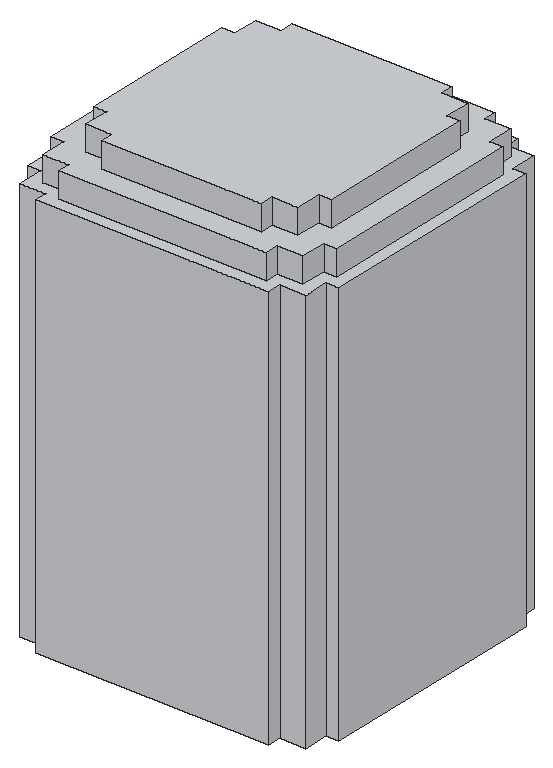
Revit family
Parameters (values of type "SBSP-031.5")
  Width = 2' - 6"
  URL = "www.strombergarchitectural.com"
  Top Material = GFRC
  Submittal Sheet = "www.strombergarchitectural.com/images/materials/gfrc/submittal/gfrc-submittal-sheet.pdf"
  Specifications = "www.strombergarchitectural.com/gfrcspecifications"
  Model Cut-sheet = "www.strombergarchitectural.com/products/bollards/design/sbsp-031"
  Model = "SBSP-031"
  Manufacturer = "Stromberg Architectural Products"
  Guidebook = "www.strombergarchitectural.com/images/materials/gfrc/handbooks/gfrc_guidebook.pdf"
  Frame Material = none
  Description = "GFRC Bollard"
  Assembly Code = ""
  Height = 4' - 0"
  031.5 = yes
  031.4 = no
  031.3 = no
  031.2 = no
  031.1 = no
Types (6): name | Width | Model | Guidebook | Description | Height | 031.5 | 031.4 | 031.3 | 031.2 | 031.1
  (no name) | 2' - 6" | "SBSP-031" | "www.strombergarchitectural.com/images/materials/gfrc/handbooks/gfrc_guidebook.pdf" | "GFRC Bollard" | 4' - 0" | yes | no | no | no | no
  SBSP-031.3 | 1' - 10" | "SBSP-031" | "www.strombergarchitectural.com/images/materials/gfrc/handbooks/gfrc_guidebook.pdf" | "GFRC Bollard" | 3' - 0" | no | no | yes | no | no
  SBSP-031.1 | 1' - 3" | "SBSP-031" | "www.strombergarchitectural.com/images/materials/gfrc/handbooks/gfrc_guidebook.pdf   \r\n(http://www.strombergarchitectural.com/images/materials/gfrc/handbooks/gfrc_guidebook.pdf" | "GFRC Bollard" | 2' - 0" | no | no | no | no | yes
  SBSP-031.2 | 1' - 7" | "SBS-031" | "www.strombergarchitectural.com/images/materials/gfrc/handbooks/gfrc_guidebook.pdf" | "GFRC Bollard" | 2' - 6" | no | no | no | yes | no
  SBSP-031.4 | 2' - 2" | "SBSP-031" | "www.strombergarchitectural.com/images/materials/gfrc/handbooks/gfrc_guidebook.pdf" | "GFRC-Bollard" | 3' - 6" | no | yes | no | no | no
  SBSP-031.5 | 2' - 6" | "SBSP-031" | "www.strombergarchitectural.com/images/materials/gfrc/handbooks/gfrc_guidebook.pdf" | "GFRC Bollard" | 4' - 0" | yes | no | no | no | no
Reference planes (in)
  plane 1 "Center (Front/Back)": y = 3.74847
  plane 2: z = 0
  plane 3 "Center (Left/Right)": x = 0.7278
  plane 4 "Front": y = -3.25153
  plane 5 "Back": y = 10.74847
  plane 6 "Left": x = -17.2722
  plane 7 "Right": x = 18.7278
Forms (in)
  Extrusion 1, solid, visible <- "031.1"
    sketch origin (-61.15258, 0, -4) x (1, 0, 0) y (0, 1, 0)
      loop
        line (70.04704, 5.10958) -> (70.04704, 17.35958) -> (69.36649, 17.35958) -> (69.36649, 18.72069) -> (68.00538, 18.72069) -> (68.00538, 19.40125) -> (55.75538, 19.40125) -> (55.75538, 18.72069) -> (54.39427, 18.72069) -> (54.39427, 17.35958) -> (53.71371, 17.35958) -> (53.71371, 5.10958) -> (54.39427, 5.10958) -> (54.39427, 3.74847) -> (55.75538, 3.74847) -> (55.75538, 3.06791) -> (68.00538, 3.06791) -> (68.00538, 3.74847) -> (69.36649, 3.74847) -> (69.36649, 5.10958) -> (70.04704, 5.10958)
    from 4 to 25.375
  Extrusion 2, solid, visible <- "031.1"
    sketch origin (-61.15258, 0, 17.375) x (1, 0, 0) y (0, 1, 0)
      loop
        line (67.33871, 3.73458) -> (67.33871, 4.41513) -> (68.69982, 4.41513) -> (68.69982, 5.77625) -> (69.38038, 5.77625) -> (69.38038, 16.69291) -> (68.69982, 16.69291) -> (68.69982, 18.05402) -> (67.33871, 18.05402) -> (67.33871, 18.73458) -> (56.42204, 18.73458) -> (56.42204, 18.05402) -> (55.06093, 18.05402) -> (55.06093, 16.69291) -> (54.38038, 16.69291) -> (54.38038, 5.77625) -> (55.06093, 5.77625) -> (55.06093, 4.41513) -> (56.42204, 4.41513) -> (56.42204, 3.73458) -> (67.33871, 3.73458)
    from 4 to 5.375
  Extrusion 3, solid, visible <- "031.1"
    sketch origin (-61.15258, 0, 18.75) x (1, 0, 0) y (0, 1, 0)
      loop
        line (66.08871, 4.98458) -> (66.08871, 5.66513) -> (67.44982, 5.66513) -> (67.44982, 7.02625) -> (68.13038, 7.02625) -> (68.13038, 15.44291) -> (67.44982, 15.44291) -> (67.44982, 16.80402) -> (66.08871, 16.80402) -> (66.08871, 17.48458) -> (57.67204, 17.48458) -> (57.67204, 16.80402) -> (56.31093, 16.80402) -> (56.31093, 15.44291) -> (55.63038, 15.44291) -> (55.63038, 7.02625) -> (56.31093, 7.02625) -> (56.31093, 5.66513) -> (57.67204, 5.66513) -> (57.67204, 4.98458) -> (66.08871, 4.98458)
    from 4 to 5.375
  Extrusion 4, solid, visible <- "031.2"
    sketch origin (-110.79823, 0, -4) x (1, 0, 0) y (0, 1, 0)
      loop
        line (119.27603, 0.90125) -> (119.27603, 1.76236) -> (120.99825, 1.76236) -> (120.99825, 3.48458) -> (121.85936, 3.48458) -> (121.85936, 18.98458) -> (120.99825, 18.98458) -> (120.99825, 20.7068) -> (119.27603, 20.7068) -> (119.27603, 21.56791) -> (103.77603, 21.56791) -> (103.77603, 20.7068) -> (102.05381, 20.7068) -> (102.05381, 18.98458) -> (101.19269, 18.98458) -> (101.19269, 3.48458) -> (102.05381, 3.48458) -> (102.05381, 1.76236) -> (103.77603, 1.76236) -> (103.77603, 0.90125) -> (119.27603, 0.90125)
    from 4 to 30.625
  Extrusion 5, solid, visible <- "031.2"
    sketch origin (-110.79823, 0, 22.625) x (1, 0, 0) y (0, 1, 0)
      loop
        line (104.60936, 1.73458) -> (118.44269, 1.73458) -> (118.44269, 2.59569) -> (120.16492, 2.59569) -> (120.16492, 4.31791) -> (121.02603, 4.31791) -> (121.02603, 18.15125) -> (120.16492, 18.15125) -> (120.16492, 19.87347) -> (118.44269, 19.87347) -> (118.44269, 20.73458) -> (104.60936, 20.73458) -> (104.60936, 19.87347) -> (102.88714, 19.87347) -> (102.88714, 18.15125) -> (102.02603, 18.15125) -> (102.02603, 4.31791) -> (102.88714, 4.31791) -> (102.88714, 2.59569) -> (104.60936, 2.59569) -> (104.60936, 1.73458)
    from 4 to 5.625
  Extrusion 6, solid, visible <- "031.2"
    sketch origin (-110.79823, 0, 24.25) x (1, 0, 0) y (0, 1, 0)
      loop
        line (116.8802, 3.29708) -> (116.8802, 4.15819) -> (118.60242, 4.15819) -> (118.60242, 5.88041) -> (119.46353, 5.88041) -> (119.46353, 16.58875) -> (118.60242, 16.58875) -> (118.60242, 18.31097) -> (116.8802, 18.31097) -> (116.8802, 19.17208) -> (106.17186, 19.17208) -> (106.17186, 18.31097) -> (104.44963, 18.31097) -> (104.44963, 16.58875) -> (103.58852, 16.58875) -> (103.58852, 5.88041) -> (104.44963, 5.88041) -> (104.44963, 4.15819) -> (106.17186, 4.15819) -> (106.17186, 3.29708) -> (116.8802, 3.29708)
    from 4 to 5.625
  Extrusion 7, solid, visible <- "031.3"
    sketch origin (-161.62635, 0, -4) x (1, 0, 0) y (0, 1, 0)
      loop
        line (171.35415, -0.76542) -> (171.35415, 0.23458) -> (173.35415, 0.23458) -> (173.35415, 2.23458) -> (174.35415, 2.23458) -> (174.35415, 20.23458) -> (173.35415, 20.23458) -> (173.35415, 22.23458) -> (171.35415, 22.23458) -> (171.35415, 23.23458) -> (153.35415, 23.23458) -> (153.35415, 22.23458) -> (151.35415, 22.23458) -> (151.35415, 20.23458) -> (150.35415, 20.23458) -> (150.35415, 2.23458) -> (151.35415, 2.23458) -> (151.35415, 0.23458) -> (153.35415, 0.23458) -> (153.35415, -0.76542) -> (171.35415, -0.76542)
    from 4 to 36
  Extrusion 8, solid, visible <- "031.3"
    sketch origin (-161.62635, 0, 28) x (1, 0, 0) y (0, 1, 0)
      loop
        line (170.35415, 0.23458) -> (170.35415, 1.23458) -> (172.35415, 1.23458) -> (172.35415, 3.23458) -> (173.35415, 3.23458) -> (173.35415, 19.23458) -> (172.35415, 19.23458) -> (172.35415, 21.23458) -> (170.35415, 21.23458) -> (170.35415, 22.23458) -> (154.35415, 22.23458) -> (154.35415, 21.23458) -> (152.35415, 21.23458) -> (152.35415, 19.23458) -> (151.35415, 19.23458) -> (151.35415, 3.23458) -> (152.35415, 3.23458) -> (152.35415, 1.23458) -> (154.35415, 1.23458) -> (154.35415, 0.23458) -> (170.35415, 0.23458)
    from 4 to 6
  Extrusion 9, solid, visible <- "031.3"
    sketch origin (-161.62635, 0, 30) x (1, 0, 0) y (0, 1, 0)
      loop
        line (168.47915, 2.10958) -> (168.47915, 3.10958) -> (170.47915, 3.10958) -> (170.47915, 5.10958) -> (171.47915, 5.10958) -> (171.47915, 17.35958) -> (170.47915, 17.35958) -> (170.47915, 19.35958) -> (168.47915, 19.35958) -> (168.47915, 20.35958) -> (156.22915, 20.35958) -> (156.22915, 19.35958) -> (154.22915, 19.35958) -> (154.22915, 17.35958) -> (153.22915, 17.35958) -> (153.22915, 5.10958) -> (154.22915, 5.10958) -> (154.22915, 3.10958) -> (156.22915, 3.10958) -> (156.22915, 2.10958) -> (168.47915, 2.10958)
    from 4 to 6
  Extrusion 10, solid, visible <- "031.4"
    sketch origin (-214.98768, 0, -4) x (1, 0, 0) y (0, 1, 0)
      loop
        line (226.34048, -2.93209) -> (226.34048, -1.75153) -> (228.70159, -1.75153) -> (228.70159, 0.60958) -> (229.88214, 0.60958) -> (229.88214, 21.85958) -> (228.70159, 21.85958) -> (228.70159, 24.22069) -> (226.34048, 24.22069) -> (226.34048, 25.40124) -> (205.09048, 25.40124) -> (205.09048, 24.22069) -> (202.72937, 24.22069) -> (202.72937, 21.85958) -> (201.54882, 21.85958) -> (201.54882, 0.60958) -> (202.72937, 0.60958) -> (202.72937, -1.75153) -> (205.09048, -1.75153) -> (205.09048, -2.93209) -> (226.34048, -2.93209)
    from 4 to 41.375
  Extrusion 11, solid, visible <- "031.4"
    sketch origin (-214.98768, 0, 33.375) x (1, 0, 0) y (0, 1, 0)
      loop
        line (225.17381, -1.76542) -> (225.17381, -0.58487) -> (227.53492, -0.58487) -> (227.53492, 1.77624) -> (228.71548, 1.77624) -> (228.71548, 20.69291) -> (227.53492, 20.69291) -> (227.53492, 23.05402) -> (225.17381, 23.05402) -> (225.17381, 24.23458) -> (206.25715, 24.23458) -> (206.25715, 23.05402) -> (203.89604, 23.05402) -> (203.89604, 20.69291) -> (202.71548, 20.69291) -> (202.71548, 1.77624) -> (203.89604, 1.77624) -> (203.89604, -0.58487) -> (206.25715, -0.58487) -> (206.25715, -1.76542) -> (225.17381, -1.76542)
    from 4 to 6.375
  Extrusion 12, solid, visible <- "031.4"
    sketch origin (-214.98768, 0, 35.75) x (1, 0, 0) y (0, 1, 0)
      loop
        line (222.98632, 0.42208) -> (222.98632, 1.60263) -> (225.34743, 1.60263) -> (225.34743, 3.96374) -> (226.52798, 3.96374) -> (226.52798, 18.50542) -> (225.34743, 18.50542) -> (225.34743, 20.86653) -> (222.98632, 20.86653) -> (222.98632, 22.04708) -> (208.44464, 22.04708) -> (208.44464, 20.86653) -> (206.08353, 20.86653) -> (206.08353, 18.50542) -> (204.90298, 18.50542) -> (204.90298, 3.96374) -> (206.08353, 3.96374) -> (206.08353, 1.60263) -> (208.44464, 1.60263) -> (208.44464, 0.42208) -> (222.98632, 0.42208)
    from 4 to 6.375
  Extrusion 13, solid, visible <- "031.5"
    sketch origin (-266.25255, 0, -4) x (1, 0, 0) y (0, 1, 0)
      loop
        line (279.23035, -5.09875) -> (279.23035, -3.73764) -> (281.95257, -3.73764) -> (281.95257, -1.01542) -> (283.31368, -1.01542) -> (283.31368, 23.48458) -> (281.95257, 23.48458) -> (281.95257, 26.2068) -> (279.23035, 26.2068) -> (279.23035, 27.56791) -> (254.73035, 27.56791) -> (254.73035, 26.2068) -> (252.00813, 26.2068) -> (252.00813, 23.48458) -> (250.64702, 23.48458) -> (250.64702, -1.01542) -> (252.00813, -1.01542) -> (252.00813, -3.73764) -> (254.73035, -3.73764) -> (254.73035, -5.09875) -> (279.23035, -5.09875)
    from 4 to 46.625
  Extrusion 14, solid, visible <- "031.5"
    sketch origin (-266.25255, 0, 38.625) x (1, 0, 0) y (0, 1, 0)
      loop
        line (277.89702, -3.76542) -> (277.89702, -2.40431) -> (280.61924, -2.40431) -> (280.61924, 0.31791) -> (281.98035, 0.31791) -> (281.98035, 22.15125) -> (280.61924, 22.15125) -> (280.61924, 24.87347) -> (277.89702, 24.87347) -> (277.89702, 26.23458) -> (256.06369, 26.23458) -> (256.06369, 24.87347) -> (253.34146, 24.87347) -> (253.34146, 22.15125) -> (251.98035, 22.15125) -> (251.98035, 0.31791) -> (253.34146, 0.31791) -> (253.34146, -2.40431) -> (256.06369, -2.40431) -> (256.06369, -3.76542) -> (277.89702, -3.76542)
    from 4 to 6.625
  Extrusion 15, solid, visible <- "031.5"
    sketch origin (-266.25255, 0, 41.25) x (1, 0, 0) y (0, 1, 0)
      loop
        line (275.39702, -1.26543) -> (275.39702, 0.09569) -> (278.11925, 0.09569) -> (278.11925, 2.81791) -> (279.48036, 2.81791) -> (279.48036, 19.65125) -> (278.11925, 19.65125) -> (278.11925, 22.37347) -> (275.39702, 22.37347) -> (275.39702, 23.73458) -> (258.56368, 23.73458) -> (258.56368, 22.37347) -> (255.84146, 22.37347) -> (255.84146, 19.65125) -> (254.48035, 19.65125) -> (254.48035, 2.81791) -> (255.84146, 2.81791) -> (255.84146, 0.09569) -> (258.56368, 0.09569) -> (258.56368, -1.26543) -> (275.39702, -1.26543)
    from 4 to 6.625
Cuts and joins
  joined: Extrusion 1, Extrusion 2, Extrusion 3
  joined: Extrusion 4, Extrusion 5, Extrusion 6
  joined: Extrusion 7, Extrusion 8, Extrusion 9
  joined: Extrusion 10, Extrusion 11, Extrusion 12
  joined: Extrusion 13, Extrusion 14, Extrusion 15
